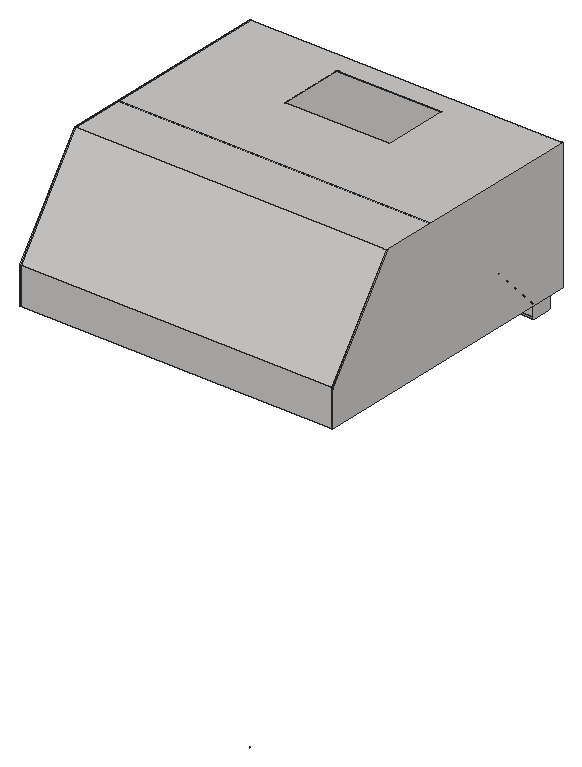
Revit family "QF_ELECTROLUXPROFESSIONAL_642330_BP1112DT", category Specialty Equipment, Revit 2014
Reference planes
  plane 1 "Center (Front/Back)": y = 0
  plane 2: z = 0
  plane 3 "Center (Left/Right)": x = 150
  plane 4 "LEFT": x = -450
  plane 5 "RIGHT": x = 750
  plane 6 "BACK": y = 550
  plane 7 "FRONT": y = -550
  plane 8 "TOP": z = 2500
  plane 9 "Base": z = 2000
  plane 10: z = 1926
  plane 11 "DrainY": y = 485
  plane 12: x = -447
  plane 13: through (0, 414.509, 2000.8) normal (0, 0.7314, 0.682)
  plane 14: y = 470
  plane 15: y = 220
  plane 16 "DrainX": x = 630
  plane 17: x = -50
  plane 18: x = 350
  plane 19: x = 747
  plane 20: x = 540
  plane 21: x = 720
  plane 22: x = -410
  plane 23: x = 710
  plane 24: x = -47.5
  plane 25: x = 347.5
  plane 26: z = 2140.01
Forms (mm)
  Extrusion 1, solid, material "QF_Finishes_Stainless Steel"
    sketch origin (-450, 0, 360) x (0, 1, 0) y (0, 0, 1)
      loop
        line (550, 1640) -> (550, 2140) -> (-290, 2140) -> (-550, 1780.01) -> (-550, 1640) -> (550, 1640)
    from 0 to 3
  Extrusion 2, solid, material "QF_Finishes_Stainless Steel"
    sketch origin (150, 0, 360) x (0, 1, 0) y (0, 0, 1)
      loop
        line (415.255, 1640) -> (550, 1640) -> (550, 2139.19) -> (549.2, 2139.19) -> (549.2, 1640.8) -> (415.876, 1640.8) -> (339.347, 1722.867) -> (349.609, 1732.436) -> (348.927, 1733.167) -> (337.934, 1722.917) -> (415.255, 1640)
      loop
        line (-82.203, 2139.19) -> (-82.203, 2118.6) -> (-31.047, 2118.6) -> (34.354, 2048.466) -> (46.028, 2059.352) -> (45.346, 2060.083) -> (34.403, 2049.879) -> (-30.612, 2119.6) -> (-81.203, 2119.6) -> (-81.203, 2139.19) -> (-82.203, 2139.19)
    from -597 to 597
  Extrusion 3, solid, material "QF_Finishes_Stainless Steel"
    sketch origin (750, 0, 360) x (0, 1, 0) y (0, 0, 1)
      loop
        line (550, 1640) -> (550, 2140) -> (-290, 2140) -> (-550, 1780.01) -> (-550, 1640) -> (550, 1640)
    from 0 to -3
  Extrusion 4, solid, material "QF_Finishes_Stainless Steel"
    sketch origin (150, 0, 360) x (0, 1, 0) y (0, 0, 1)
      loop
        line (-550, 1780.01) -> (-550, 1640) -> (-549.2, 1640) -> (-549.2, 1779.751) -> (-289.598, 2139.19) -> (550, 2139.19) -> (550, 2140) -> (-290, 2140) -> (-550, 1780.01)
    from -600 to 600
  Extrusion 5, solid, material "QF_Finishes_Stainless Steel"
    sketch origin (150, 0, 360) x (0, 1, 0) y (0, 0, 1)
      loop
        line (534, 1640) -> (436, 1640) -> (436, 1627) -> (443.5, 1627) -> (443.5, 1576)
        arc (443.5, 1576) -> (446.429, 1568.929) -> (453.5, 1566) r 10
        line (453.5, 1566) -> (516.5, 1566)
        arc (516.5, 1566) -> (523.571, 1568.929) -> (526.5, 1576) r 10
        line (526.5, 1576) -> (526.5, 1627) -> (534, 1627) -> (534, 1640)
    from 390 to 570
  Extrusion 6, solid, material "QF_Finishes_Stainless Steel"
    sketch origin (0, 0, 2000) x (0, 1, 0) y (-1, 0, 0)
      loop
        circle (485, -630) r 20
    from -76 to -74
  Extrusion 7, solid, material "QF_Finished_Chrome"
    sketch origin (150, 0, 360) x (0, 1, 0) y (0, 0, 1)
      loop
        line (337.934, 1722.917) -> (341.591, 1726.327) -> (38.011, 2051.876) -> (34.354, 2048.466) -> (337.934, 1722.917)
    from -197.5 to -560
  Extrusion 8, solid, material "QF_Finishes_Stainless Steel"
    sketch origin (150, 0, 360) x (0, 1, 0) y (0, 0, 1)
      loop
        line (337.934, 1722.917) -> (341.591, 1726.327) -> (38.011, 2051.876) -> (34.354, 2048.466) -> (337.934, 1722.917)
    from 597 to 560
  Extrusion 9, solid, material "QF_Finished_Chrome"
    sketch origin (150, 0, 360) x (0, 1, 0) y (0, 0, 1)
      loop
        line (341.588, 1726.324) -> (38.009, 2051.874) -> (34.354, 2048.466) -> (337.934, 1722.917) -> (341.588, 1726.324)
    from 197.5 to 560
  Extrusion 10, void
    sketch origin (0, 0, 2500) x (0, 1, 0) y (-1, 0, 0)
      loop
        line (470, -350) -> (470, 50) -> (220, 50) -> (220, -350) -> (470, -350)
    from 0 to -10
  Extrusion 11, solid, material "QF_Finishes_Stainless Steel"
    sketch origin (0, 0, 0) x (1, 0, 0) y (0, 1, 0)
      loop
        line (-450, 550) -> (-450, 549) -> (-449, 549) -> (-449, 550) -> (-450, 550)
    from 0 to 1
  Extrusion 12, solid, material "QF_Finishes_Stainless Steel"
    sketch origin (150, 0, 360) x (0, 1, 0) y (0, 0, 1)
      loop
        line (337.934, 1722.917) -> (341.591, 1726.327) -> (38.011, 2051.876) -> (34.354, 2048.466) -> (337.934, 1722.917)
    from -560 to -597
  Extrusion 13, solid, material "QF_Finishes_Stainless Steel"
    sketch origin (150, 0, 360) x (0, 1, 0) y (0, 0, 1)
      loop
        line (337.934, 1722.917) -> (341.591, 1726.327) -> (38.011, 2051.876) -> (34.354, 2048.466) -> (337.934, 1722.917)
    from 197.5 to -197.5
Cuts and joins
  Extrusion 10 cuts Extrusion 4
  joined: Extrusion 2, Extrusion 4
Lines and regions (mm)
  reference lines
    curve 1: line (150, 34.354, 2408.466) -> (150, 34.354, 2248.466)
  symbolic lines, style "SpecialityEquipment", detail levels coarse
    curve 2: line (750, 550, 2500) -> (-450, 550, 2500)
    curve 3: line (-450, 550, 2500) -> (-450, -550, 2500)
    curve 4: line (750, -550, 2500) -> (750, 550, 2500)
    curve 5: line (-450, -550, 2500) -> (750, -550, 2500)
    curve 6: line (350, 220, 2500) -> (-50, 220, 2500)
    curve 7: line (350, 470, 2500) -> (350, 220, 2500)
    curve 8: line (-50, 470, 2500) -> (350, 470, 2500)
    curve 9: line (-50, 220, 2500) -> (-50, 470, 2500)
    curve 10: line (-450, -290, 0) -> (750, -290, 0)
    curve 11: line (-450, 550, 0) -> (750, -290, 0)
    curve 12: line (-450, -290, 0) -> (750, 550, 0)
Dimensions and locks
  plane 4 "LEFT" to plane 5 "RIGHT" = 1200 mm
  equal spacing: plane 4 "LEFT", plane 3 "Center (Left/Right)", plane 5 "RIGHT"
  locked: plane 8 "TOP" to plane 9 "Base" at 500
  plane 9 "Base" to plane 10 = 74 mm
  plane 6 "BACK" to plane 11 "DrainY" = 65 mm  (x2)
  plane 4 "LEFT" to plane 12 = 3 mm
  plane 6 "BACK" to plane 14 = 80 mm
  plane 14 to plane 15 = 250 mm  (x2)
  plane 16 "DrainX" to plane 5 "RIGHT" = 120 mm
  plane 19 to plane 5 "RIGHT" = 3 mm
  locked: plane 20 to plane 16 "DrainX" at 90
  locked: plane 16 "DrainX" to plane 21 at 90
  plane 6 "BACK" to plane 7 "FRONT" = 1100 mm  (x2)
  equal spacing: plane 6 "BACK", plane 1 "Center (Front/Back)", plane 7 "FRONT"
  plane 15 to plane 7 "FRONT" = 770 mm
  plane 14 to plane 6 "BACK" = 80 mm
  locked: plane 4 "LEFT" to plane 22 at 40
  locked: plane 23 to plane 5 "RIGHT" at 40
  locked: plane 24 to plane 25 at 395
  equal spacing: plane 24, plane 3 "Center (Left/Right)", plane 25
  locked: plane 17 to plane 18 at 400
  equal spacing: plane 17, plane 3 "Center (Left/Right)", plane 18
  curve 10 to plane 7 "FRONT" = 260 mm
  curve 10 to plane 6 "BACK" = 840 mm
  plane 9 "Base" to level = 2000 mm
  plane 26 to plane 9 "Base" = 140.01 mm
  aligned and locked: level to plane 2
  aligned and locked: Extrusion 2 to Extrusion 1
  aligned and locked: Extrusion 2 to Extrusion 3
  aligned and locked: plane 5 "RIGHT" to Extrusion 4
  aligned and locked: Extrusion 4 to plane 4 "LEFT"
  aligned and locked: plane 19 to Extrusion 8
  aligned and locked: Extrusion 10 to plane 17
  aligned and locked: Extrusion 10 to plane 15
  aligned and locked: Extrusion 10 to plane 14
  aligned and locked: Extrusion 2 to Extrusion 4
  aligned and locked: plane 21 to Extrusion 5
  aligned and locked: Extrusion 5 to plane 20
  aligned and locked: Extrusion 8 to plane 23
  aligned and locked: Extrusion 9 to plane 23
  aligned and locked: Extrusion 7 to plane 22
  aligned and locked: Extrusion 12 to plane 12
  aligned and locked: plane 22 to Extrusion 12
  aligned and locked: Extrusion 3 to plane 19
  aligned and locked: Extrusion 10 to plane 18
  aligned and locked: plane 18 to curve 7
  aligned and locked: plane 25 to Extrusion 13
  aligned and locked: Extrusion 13 to plane 24
  aligned and locked: Extrusion 9 to plane 25
Automatic sketch dimensions
  curve 5 to plane 5 "RIGHT" = 0 mm
  curve 5 to plane 7 "FRONT" = 0 mm
  curve 6 to plane 15 = 0 mm
  plane 14 to curve 8 = 0 mm
  curve 3 to plane 4 "LEFT" = 0 mm
  curve 3 to plane 6 "BACK" = 0 mm
  curve 6 to plane 17 = 0 mm
  Extrusion 2 sketch curve to plane 13 = 0 mm  (x3)
  Extrusion 2 sketch curve to plane 9 "Base" = 0 mm
  plane 13 to Extrusion 2 sketch curve = 0 mm
  Extrusion 2 sketch curve to plane 6 "BACK" = 0 mm
  Extrusion 2 sketch curve to Extrusion 2 sketch curve = 65.646 mm
  Extrusion 2 sketch curve to Extrusion 2 sketch curve = 0.682 mm  (x2)
  Extrusion 2 sketch curve to Extrusion 2 sketch curve = 10.261 mm
  plane 9 "Base" to Extrusion 2 sketch curve = 82.917 mm
  Extrusion 2 sketch curve to plane 1 "Center (Front/Back)" = 46.028 mm
  Extrusion 2 sketch curve to Extrusion 2 sketch curve = 10.942 mm
  Extrusion 2 sketch curve to Extrusion 2 sketch curve = 0.049 mm
  Extrusion 2 sketch curve to plane 8 "TOP" = 20.4 mm
  Extrusion 2 sketch curve to plane 8 "TOP" = 21.4 mm
  Extrusion 2 sketch curve to plane 8 "TOP" = 0.81 mm  (x2)
  Extrusion 2 sketch curve to Extrusion 2 sketch curve = 50.156 mm
  Extrusion 2 sketch curve to Extrusion 2 sketch curve = 1 mm
  plane 9 "Base" to Extrusion 2 sketch curve = 0.8 mm
  Extrusion 2 sketch curve to plane 6 "BACK" = 0.8 mm
  curve 1 to plane 13 = 0 mm
  curve 1 to plane 1 "Center (Front/Back)" = 34.354 mm
  Extrusion 5 sketch curve to plane 9 "Base" = 0 mm
  Extrusion 5 sketch curve to plane 10 = 0 mm
  Extrusion 5 sketch curve to plane 9 "Base" = 13 mm  (x2)
  plane 14 to Extrusion 5 sketch curve = 34 mm
  Extrusion 5 sketch curve to Extrusion 5 sketch curve = 7.5 mm  (x2)
  Extrusion 5 sketch curve to Extrusion 5 sketch curve = 10 mm
  plane 11 "DrainY" to Extrusion 5 sketch curve = 31.5 mm
  Extrusion 5 sketch curve to plane 6 "BACK" = 23.5 mm
  Extrusion 6 sketch curve to plane 11 "DrainY" = 0 mm
  Extrusion 6 sketch curve to plane 16 "DrainX" = 0 mm
  Extrusion 7 sketch curve to plane 13 = 0 mm  (x2)
  Extrusion 7 sketch curve to plane 1 "Center (Front/Back)" = 34.354 mm
  Extrusion 7 sketch curve to Extrusion 7 sketch curve = 3.657 mm
  plane 9 "Base" to Extrusion 7 sketch curve = 82.917 mm
  Extrusion 8 sketch curve to plane 13 = 0 mm  (x2)
  Extrusion 8 sketch curve to plane 1 "Center (Front/Back)" = 34.354 mm
  Extrusion 8 sketch curve to Extrusion 8 sketch curve = 3.657 mm
  plane 9 "Base" to Extrusion 8 sketch curve = 82.917 mm
  Extrusion 9 sketch curve to plane 13 = 0 mm  (x2)
  Extrusion 9 sketch curve to plane 1 "Center (Front/Back)" = 34.354 mm
  Extrusion 9 sketch curve to Extrusion 9 sketch curve = 3.655 mm
  plane 9 "Base" to Extrusion 9 sketch curve = 82.917 mm
  Extrusion 10 sketch curve to plane 15 = 0 mm
  plane 14 to Extrusion 10 sketch curve = 0 mm
  Extrusion 10 sketch curve to plane 18 = 0 mm
  Extrusion 10 sketch curve to plane 17 = 0 mm
  Extrusion 11 sketch curve to plane 4 "LEFT" = 0 mm
  Extrusion 11 sketch curve to plane 6 "BACK" = 0 mm
  plane 4 "LEFT" to Extrusion 11 sketch curve = 1 mm
  Extrusion 11 sketch curve to Extrusion 11 sketch curve = 1 mm
  Extrusion 12 sketch curve to plane 13 = 0 mm  (x2)
  Extrusion 12 sketch curve to plane 1 "Center (Front/Back)" = 34.354 mm
  Extrusion 12 sketch curve to Extrusion 12 sketch curve = 3.657 mm
  plane 9 "Base" to Extrusion 12 sketch curve = 82.917 mm
  Extrusion 13 sketch curve to plane 13 = 0 mm  (x2)
  Extrusion 13 sketch curve to plane 1 "Center (Front/Back)" = 34.354 mm
  Extrusion 13 sketch curve to Extrusion 13 sketch curve = 3.657 mm
  plane 9 "Base" to Extrusion 13 sketch curve = 82.917 mm
  Extrusion 4 sketch curve to plane 7 "FRONT" = 0 mm
  Extrusion 4 sketch curve to plane 9 "Base" = 0 mm
  Extrusion 4 sketch curve to plane 8 "TOP" = 0 mm
  Extrusion 4 sketch curve to plane 6 "BACK" = 0 mm
  Extrusion 4 sketch curve to Extrusion 4 sketch curve = 0.8 mm
  plane 9 "Base" to Extrusion 4 sketch curve = 140.01 mm
  Extrusion 4 sketch curve to Extrusion 4 sketch curve = 0.81 mm
  Extrusion 4 sketch curve to Extrusion 4 sketch curve = 0.259 mm
  Extrusion 4 sketch curve to Extrusion 4 sketch curve = 0.402 mm
  plane 7 "FRONT" to Extrusion 4 sketch curve = 260 mm
  Extrusion 3 sketch curve to plane 7 "FRONT" = 0 mm
  Extrusion 3 sketch curve to plane 8 "TOP" = 0 mm
  Extrusion 3 sketch curve to plane 6 "BACK" = 0 mm
  Extrusion 3 sketch curve to plane 9 "Base" = 0 mm
  plane 9 "Base" to Extrusion 3 sketch curve = 140.01 mm
  plane 7 "FRONT" to Extrusion 3 sketch curve = 260 mm
  Extrusion 1 sketch curve to plane 7 "FRONT" = 0 mm
  Extrusion 1 sketch curve to plane 8 "TOP" = 0 mm
  Extrusion 1 sketch curve to plane 6 "BACK" = 0 mm
  Extrusion 1 sketch curve to plane 9 "Base" = 0 mm
  plane 9 "Base" to Extrusion 1 sketch curve = 140.01 mm
  plane 7 "FRONT" to Extrusion 1 sketch curve = 260 mm
  curve 1 to curve 1 = 160 mm
  curve 11 to plane 4 "LEFT" = 0 mm
  curve 10 to plane 4 "LEFT" = 0 mm
  curve 11 to plane 5 "RIGHT" = 0 mm
  curve 12 to plane 5 "RIGHT" = 0 mm
  curve 12 to plane 6 "BACK" = 0 mm
  curve 11 to plane 6 "BACK" = 0 mm
  radius of Extrusion 6 sketch curve = 20 mm
Connectors
  piping at (630, 485, 1924), diameter 20
    settings: on Extrusion 6, index 1, connector inside diameter 609.6 mm, connector length 0 mm, flow factor 0, pipe flow 0.0 L/s, pressure drop 0.0 Pa, fitting loss kfactor 0, connector angle 0.00°, fixture units 0, engagement length 0 mm, angle of deflection 0.00°, flow configuration 1, flow direction 2, fitting loss method 0, system type 16, joint type 0, gender type 0, connector reference index -1, connector utility 0, adjustable connector no, is connector primary yes, connector description "Drain"
  hvac at (150, 345, 2500)
    settings: on Extrusion 10, index 2, duct flow 0.0 L/s, flow factor 0, pres drop 0.0 Pa, loss coef 0, conn angle 0.00°, conn width 250 mm, conn height 400 mm, conn diameter 609.6 mm, duct sys type 3, conn prof type 1, flow config 0, flow direction 2, loss method 0, conn ref index -1, conn util no, is conn primary yes, conn desc "EXHAUST OUTLET"
